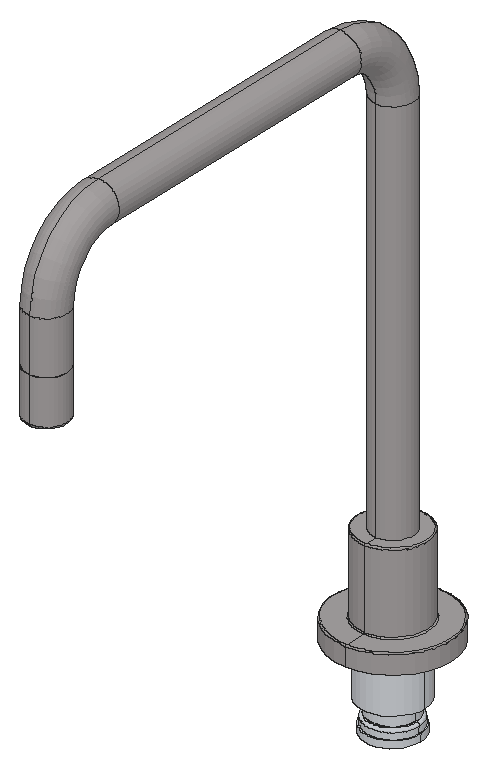
Revit family "Reece_Tap_Sussex_Scala_Square_Sink Outlet_Swivel", category Plumbing Fixtures, host Face, Revit 2018
Family settings
  Host = Face
  Round Connector Dimension = Use Diameter
  Part Type = Normal
  Cut with Voids When Loaded = No
  Shared = Yes
  Room Calculation Point = Yes
Parameters (values of type "200 mm_3 Star_Brushed Gunmetal")
  WFU = 0  # constant formula
  URL = "https://www.reece.com.au/product/-2268139"
  Type Comments = "Tap"
  Reece_Tap_Reach = 200 mm  # constant formula
  Reece_Tap_Inlet = 12 mm  # constant formula
  Reece_Tap_Clearance = 180 mm  # constant formula
  Reece_Product_Web Page = "https://www.reece.com.au/product/-2268139"
  Reece_Product_Type = "Tap"  # constant formula
  Reece_Product_Sub Brand = "Scala"  # constant formula
  Reece_Product_Number = "2268139"
  Reece_Product_Mount = "Hob Mounted"
  Reece_Product_Description = "Sussex Scala Hob Sink Swivel Outlet Square Brushed Gunmetal (3 Star)"
  Reece_Product_Brand = "Sussex"  # constant formula
  Reece_Overall_Length = 209.5 mm  # constant formula
  Reece_Overall_Height = 265 mm  # constant formula
  Reece_Material_Main = Reece_Brass_Brushed Gunmetal
  Reece_Detail_Type = "Sink Outlet"  # constant formula
  Reece_Detail_Shape = "Square"  # constant formula
  Reece_Detail_Disclaimer = "THIS FILE IS THE PROPERTY OF THE REECE GROUP. IT MAY NOT BE REPRODUCED, REVERSE-ENGINEERED OR MODIFIED. ANY REPUBLICATION, TRANSMISSION OR DISTRIBUTION FOR THE PURPOSE OF COMMERCIALLY EXPLOITING THE FILES IS PROHIBITED."  # constant formula
  Reece_Detail_Additional = "Swivel"  # constant formula
  Model = "Scala"
  Manufacturer = "Sussex"
  Keynote = "Product #2268139, Reece_Tap_Sussex_Scala_Square_Sink Outlet_Swivel - 200 mm_3 Star_Brushed Gunmetal"
  HWFU = 0  # constant formula
  Disclaimer = "THIS FILE IS THE PROPERTY OF THE REECE GROUP. IT MAY NOT BE REPRODUCED, REVERSE-ENGINEERED OR MODIFIED. ANY REPUBLICATION, TRANSMISSION OR DISTRIBUTION FOR THE PURPOSE OF COMMERCIALLY EXPLOITING THE FILES IS PROHIBITED."  # constant formula
  Description = "Scala Hob Sink Swivel Outlet Square Brushed Gunmetal (3 Star)"
  Default Elevation = 1000 mm
  CWFU = 0  # constant formula
Types (3, lengths in mm): name | URL | Reece_Product_Web Page | Reece_Product_Number | Reece_Product_Description | Reece_Material_Main | Keynote | Description
  200 mm_3 Star_Chrome | "https://www.reece.com.au/product/-2261610" | "https://www.reece.com.au/product/-2261610" | "2261610" | "Sussex Scala Hob Sink Swivel Outlet Square Chrome (3 Star)" | Reece_Brass_Chrome | "Product #2261610, Reece_Tap_Sussex_Scala_Square_Sink Outlet_Swivel - 200 mm_3 Star_Chrome" | "Scala Hob Sink Swivel Outlet Square Chrome (3 Star)"
  200 mm_3 Star_Brushed Gunmetal | "https://www.reece.com.au/product/-2268139" | "https://www.reece.com.au/product/-2268139" | "2268139" | "Sussex Scala Hob Sink Swivel Outlet Square Brushed Gunmetal (3 Star)" | Reece_Brass_Brushed Gunmetal | "Product #2268139, Reece_Tap_Sussex_Scala_Square_Sink Outlet_Swivel - 200 mm_3 Star_Brushed Gunmetal" | "Scala Hob Sink Swivel Outlet Square Brushed Gunmetal (3 Star)"
  200 mm_3 Star_PVD Brushed Platinum Gold | "https://www.reece.com.au/product/-2268280" | "https://www.reece.com.au/product/-2268280" | "2268280" | "Sussex Scala Hob Sink Swivel Outlet Square LUX PVD Brushed Platinum Gold (3 Star)" | Reece_PVD_Brushed_Platinum Gold | "Product #2268280, Reece_Tap_Sussex_Scala_Square_Sink Outlet_Swivel - 200 mm_3 Star_PVD Brushed Platinum Gold" | "Scala Hob Sink Swivel Outlet Square LUX PVD Brushed Platinum Gold (3 Star)"
Reference planes
  plane 1 "Center (Front/Back)": y = 0
  plane 2 "Bottom": z = 0
  plane 3 "Center (Left/Right)": x = 0
  plane 4 "Top": z = 265
  plane 5: y = -200
  plane 6: y = -209.5
  plane 7: z = 180
  plane 8: y = 27
  plane 9: y = -27
  plane 10: x = -9.5
  plane 11: x = 9.5
  plane 12: z = 9
  plane 13: x = -27
  plane 14: x = 27
Forms (mm)
  Sweep 1, solid, material "Reece_Brass_Brushed Gunmetal" <- "Reece_Material_Main"
    path origin (0, 0, 0) x (0, 1, 0) y (0, 0, 1)
      loop
        line (0, 46) -> (0, 225.5)
        arc (0, 225.5) -> (-8.787, 246.713) -> (-30, 255.5) r 30
        line (-30, 255.5) -> (-170, 255.5)
        arc (-170, 255.5) -> (-191.213, 246.713) -> (-200, 225.5) r 30
        line (-200, 225.5) -> (-200, 201.3)
    profile origin (0, 0, 135.75) x (0, -1, 0) y (1, 0, 0)
      loop
        circle (0, 0) r 9.5
  Revolve 2, solid, material "Reece_Brass_Brushed Gunmetal" <- "Reece_Material_Main"
    sketch origin (0, 107, -22.3) x (0, 0, 1) y (0, -1, 0)
      loop
        line (224.834, 307) -> (224.834, 315.719) -> (223.3, 315.719) -> (223.3, 316.5) -> (202.8, 316.5)
        arc (202.8, 316.5) -> (202.446, 316.354) -> (202.3, 316) r 0.5
        line (202.3, 316) -> (202.3, 315.094) -> (203.488, 315.094) -> (203.488, 314.244) -> (202.3, 314.034) -> (202.3, 307) -> (224.834, 307)
      axis (224.834, 307) -> (202.3, 307)
    angle from 0 to 360
  Extrusion 3, void
    sketch origin (0, 0, 0) x (1, 0, 0) y (0, 1, 0)
      loop
        circle (0, 0) r 16
    from 5 to -50
  Revolve 4, solid, material "Reece_Brass_Brushed Gunmetal" <- "Reece_Material_Main"
    sketch origin (0, 0, 0) x (0, 1, 0) y (0, 0, 1)
      loop
        line (0, 0) -> (0, 46) -> (-15.5, 46)
        arc (-15.5, 46) -> (-15.854, 45.854) -> (-16, 45.5) r 0.5
        line (-16, 45.5) -> (-16, 9.5)
        arc (-16, 9.5) -> (-16.146, 9.146) -> (-16.5, 9) r 0.5
        line (-16.5, 9) -> (-26.5, 9)
        arc (-26.5, 9) -> (-26.854, 8.854) -> (-27, 8.5) r 0.5
        line (-27, 8.5) -> (-27, 0) -> (0, 0)
      axis (0, 46) -> (0, 0)
    angle from 0 to 360
  Revolve 5, solid
    sketch origin (128.901, 0, 1219.2) x (1, 0, 0) y (0, 0, 1)
      loop
        line (-130.291, -1261.136) -> (-128.901, -1261.136) -> (-128.901, -1219.2) -> (-143.874, -1219.2) -> (-143.874, -1242.939) -> (-139.681, -1242.939) -> (-139.681, -1249.636) -> (-139.115, -1250.202) -> (-139.915, -1250.202)
        arc (-139.915, -1250.202) -> (-140.755, -1250.55) -> (-141.103, -1251.39) r 1.188
        line (-141.103, -1251.39) -> (-141.103, -1254.152) -> (-141.903, -1254.152) -> (-141.903, -1257.398) -> (-132.464, -1257.398) -> (-130.291, -1261.136)
      axis (-128.901, -1219.2) -> (-128.901, -1261.136)
    angle from 0 to 360
Cuts and joins
  Extrusion 3 cuts Sweep 1
  Extrusion 3 cuts Revolve 2
  joined: Sweep 1, Revolve 2, Revolve 4
Text (mm)
  text "Reece Copyright © 2018, Reece Ltd." at (-403.605, -255.604, 0), in view "Ref. Level"
  text "Reece ©" at (44.384, 258.95, 192.345), in view "Reece Preview"
Dimensions and locks
  "Reece_Overall_Height": plane 4 "Top" to plane 2 "Bottom"
  "Reece_Tap_Reach": plane 1 "Center (Front/Back)" to plane 5
  "Reece_Tap_Clearance": plane 2 "Bottom" to plane 7
  Sweep 1 sketch curve to plane 4 "Top" = 9.5 mm
  "Reece_Overall_Length": plane 1 "Center (Front/Back)" to plane 6
  plane 8 to plane 9 = 54 mm  (x2)
  plane 10 to plane 11 = 19 mm  (x2)
  plane 4 "Top" to plane 2 "Bottom" = 265 mm
  plane 5 to plane 1 "Center (Front/Back)" = 200 mm
  plane 6 to plane 1 "Center (Front/Back)" = 209.5 mm
  plane 12 to host face = 9 mm
  cut or joined group of Sweep 1, Revolve 2, Extrusion 3, Revolve 4 to host face = 46 mm
  aligned and locked: plane 2 "Bottom" to host face
  aligned and locked: level to host face
Automatic sketch dimensions
  host sketch curve to host sketch curve = 380.785 mm
  host sketch curve to host sketch curve = 317.421 mm
  Sweep 1 sketch curve to plane 3 "Center (Left/Right)" = 0 mm
  Sweep 1 sketch curve to profile plane = 0 mm
  plane 1 "Center (Front/Back)" to Extrusion 3 sketch curve = 0 mm
  Extrusion 3 sketch curve to plane 3 "Center (Left/Right)" = 0 mm
  Sweep 1 sketch curve to plane 5 = 0 mm
  Sweep 1 sketch curve to plane 1 "Center (Front/Back)" = 0 mm
  Sweep 1 sketch curve to plane 5 = 30 mm
  Sweep 1 sketch curve to plane 9 = 3 mm
  Sweep 1 sketch curve to Sweep 1 sketch curve = 24.2 mm
  level to Sweep 1 sketch curve = 46 mm
  Revolve 5 sketch curve to level = 0 mm
  Revolve 5 sketch curve to plane 3 "Center (Left/Right)" = 0 mm  (x2)
  Revolve 5 sketch curve to plane 3 "Center (Left/Right)" = 1.39 mm
  Revolve 5 sketch curve to plane 3 "Center (Left/Right)" = 3.563 mm
  plane 10 to Revolve 5 sketch curve = 0.714 mm
  Revolve 5 sketch curve to Revolve 5 sketch curve = 0.566 mm  (x2)
  Revolve 5 sketch curve to Revolve 5 sketch curve = 0.8 mm  (x2)
  plane 10 to Revolve 5 sketch curve = 2.702 mm
  Revolve 5 sketch curve to Revolve 5 sketch curve = 4.194 mm
  Revolve 5 sketch curve to level = 23.739 mm
  Revolve 5 sketch curve to Revolve 5 sketch curve = 6.697 mm
  Revolve 5 sketch curve to Revolve 5 sketch curve = 2.762 mm
  Revolve 5 sketch curve to Revolve 5 sketch curve = 3.246 mm
  Revolve 5 sketch curve to Revolve 5 sketch curve = 3.739 mm
  Revolve 5 sketch curve to Revolve 5 sketch curve = 0.681 mm
  plane 12 to Revolve 5 sketch curve = 0.43 mm
  Revolve 2 sketch curve to plane 7 = 0 mm  (x2)
  Revolve 2 sketch curve to plane 5 = 0 mm  (x2)
  Revolve 2 sketch curve to plane 6 = 0 mm
  Revolve 2 sketch curve to Revolve 2 sketch curve = 0.5 mm
  Revolve 2 sketch curve to Revolve 2 sketch curve = 1.188 mm
  Revolve 2 sketch curve to plane 6 = 0.781 mm
  Revolve 2 sketch curve to Revolve 2 sketch curve = 19.812 mm
  Revolve 2 sketch curve to Revolve 2 sketch curve = 1.534 mm  (x2)
  Revolve 2 sketch curve to Revolve 2 sketch curve = 1.966 mm
  Revolve 2 sketch curve to Revolve 2 sketch curve = 0.209 mm
  Revolve 2 sketch curve to Revolve 2 sketch curve = 1.06 mm
  Revolve 2 sketch curve to Revolve 2 sketch curve = 6 mm
  level to Revolve 4 sketch curve = 0 mm
  Revolve 4 sketch curve to plane 9 = 0 mm
  Revolve 4 sketch curve to plane 12 = 0 mm
  Revolve 4 sketch curve to plane 1 "Center (Front/Back)" = 0 mm  (x2)
  Revolve 4 sketch curve to Revolve 4 sketch curve = 0.5 mm  (x2)
  plane 12 to Revolve 4 sketch curve = 0.5 mm
  Revolve 4 sketch curve to Revolve 4 sketch curve = 10 mm
  Revolve 4 sketch curve to Revolve 4 sketch curve = 36 mm
  Revolve 4 sketch curve to level = 4.194 mm
  Revolve 4 sketch curve to Revolve 4 sketch curve = 4.25 mm
  radius of Sweep 1 sketch curve = 9.5 mm
  radius of Extrusion 3 sketch curve = 16 mm
Connectors
  piping at (0, 0, -38.198), diameter 12, driven by "Reece_Tap_Inlet"
    settings: on Revolve 5, index 1, connector inside diameter 609.6 mm, connector length 0 mm, flow factor 0, pipe flow 0.0 L/s, pressure drop 0.0 Pa, fitting loss kfactor 0, connector angle 0.00°, fixture units 0, engagement length 0 mm, angle of deflection 0.00°, flow configuration 0, flow direction 1, fitting loss method 0, system type 29, joint type 0, gender type 0, connector reference index -1, connector utility 0, adjustable connector no, is connector primary yes, connector description ""
